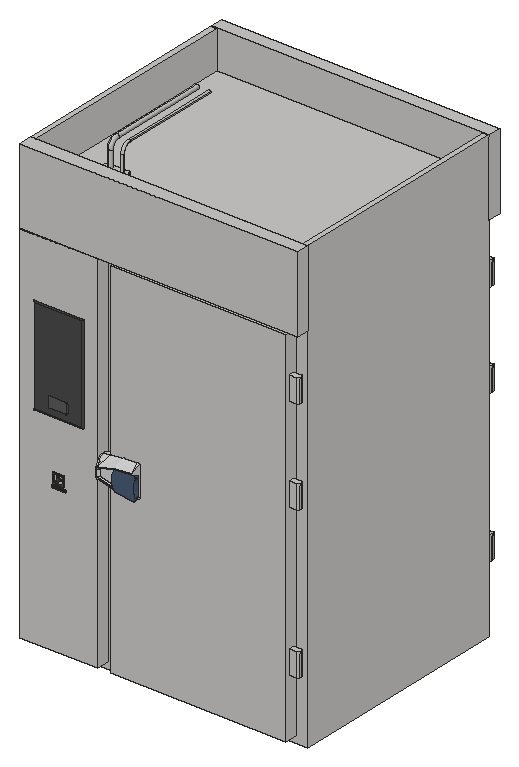
Revit family "QF_ELECTROLUXPROFESSIONAL_727969_AOFP20218RP", category Specialty Equipment, Revit 2018 (continued)
Automatic sketch dimensions
  curve 68 to curve 55 = 45.932 mm
  curve 55 to curve 67 = 11 mm
  curve 70 to curve 64 = 5.757 mm
  curve 3 to curve 7 = 66 mm
  curve 55 to curve 71 = 20 mm
  plane 3 "LEFT" to curve 9 = 27.807 mm
  plane 1 "BACK" to curve 9 = 66 mm
  plane 4 "RIGHT" to curve 2 = 100 mm
  curve 10 to plane 4 "RIGHT" = 27.807 mm
  curve 3 to curve 1 = 100 mm
  radius of Extrusion 6 sketch curve = 10 mm
  radius of Extrusion 7 sketch curve = 12.7 mm
  radius of Blend 15 sketch curve to Extrusion 14 = 0 mm  (x3)
  radius of Blend 16 sketch curve to Blend 15 = 5 mm  (x3)
  radius of Blend 16 sketch curve to Blend 15 = 10 mm  (x3)
  radius of Blend 16 to Blend 17 sketch curve = 10 mm  (x2)
  radius of Blend 17 sketch curve to Blend 16 = 0 mm  (x2)
  radius of Blend 22 sketch curve to Extrusion 21 = 0 mm  (x3)
  radius of Blend 23 sketch curve to Blend 22 = 5 mm  (x3)
  radius of Blend 23 sketch curve to Blend 22 = 10 mm  (x3)
  radius of Blend 23 to Blend 24 sketch curve = 10 mm  (x2)
  radius of Blend 24 sketch curve to Blend 23 = 0 mm  (x2)
  radius of Blend 31 sketch curve to Extrusion 30 = 0 mm  (x3)
  radius of Blend 32 sketch curve to Blend 31 = 5 mm  (x3)
  radius of Blend 32 sketch curve to Blend 31 = 10 mm  (x3)
  radius of Blend 32 to Blend 33 sketch curve = 10 mm  (x2)
  radius of Blend 33 sketch curve to Blend 32 = 0 mm  (x2)
  radius of Blend 38 sketch curve to Extrusion 37 = 0 mm  (x3)
  radius of Blend 39 sketch curve to Blend 38 = 5 mm  (x3)
  radius of Blend 39 sketch curve to Blend 38 = 10 mm  (x3)
  radius of Blend 39 to Blend 40 sketch curve = 10 mm  (x2)
  radius of Blend 40 sketch curve to Blend 39 = 0 mm  (x2)
  radius of Sweep 41 sketch curve = 11 mm
  radius of Sweep 42 sketch curve = 6 mm
Nested families
  nested 1: "ELX_Touch" at (194.5, -1205, 1338.103) x (1, 0, 0) z (0, -1, 0), type "ELX_Touch"
  nested 2: "ELX_Logo_S_New" at (194.5, -1205, 779.103) x (1, 0, 0) z (0, -1, 0), visible <- "Show Logo", type "ELX_Logo_S_New"
    with M QF_Finishes_Black
  nested 3: "ELX_Logo_Symbol" at (194.5, -1205, 819.103) x (1, 0, 0) z (0, -1, 0), visible <- "Show Logo", type "ELX_Logo_Symbol"
    with M QF_Finishes_Black
Connectors
  piping at (271, -890, 110), diameter 25.4
    settings: on Extrusion 7, index 1, connector inside diameter 24", connector length 0 mm, flow factor 0, pipe flow 0 GPM, pressure drop 0.00 psi, fitting loss kfactor 0, connector angle 0.00°, fixture units 0, engagement length 0 mm, angle of deflection 0.00°, flow configuration 1, flow direction 1, fitting loss method 0, system type 16, joint type 0, gender type 0, connector reference index -1, connector utility 0, adjustable connector no, is connector primary yes, connector description "Drain"
  electrical at (50.191, 68.6, 2137), driven by "Volts"
    settings: on Extrusion 6, index 2, voltage 0 V, apparent load 0 VA, apparent load phase1 0 VA, apparent load phase2 0 VA, apparent load phase3 0 VA, power factor 1, load classification "Altro", number of poles 1, system type 30, power factor state 1, is connector primary yes, connector utility no, sub classification motor no, connector description "Electrical Connection"
  piping at (259.717, -338, 2214), diameter 12
    settings: on Sweep 42, index 9, connector inside diameter 24", connector length 0 mm, flow factor 0, pipe flow 0 GPM, pressure drop 0.00 psi, fitting loss kfactor 0, connector angle 0.00°, fixture units 0, engagement length 0 mm, angle of deflection 0.00°, flow configuration 1, flow direction 1, fitting loss method 0, system type 8, joint type 0, gender type 0, connector reference index -1, connector utility 0, adjustable connector no, is connector primary no, connector description "Refrigerant Outlet"
  piping at (196.785, -338, 2214), diameter 22
    settings: on Sweep 41, index 10, connector inside diameter 24", connector length 0 mm, flow factor 0, pipe flow 0 GPM, pressure drop 0.00 psi, fitting loss kfactor 0, connector angle 0.00°, fixture units 0, engagement length 0 mm, angle of deflection 0.00°, flow configuration 1, flow direction 1, fitting loss method 0, system type 7, joint type 0, gender type 0, connector reference index -1, connector utility 0, adjustable connector no, is connector primary no, connector description "Refrigerant Inlet"
Definition of nested family "ELX_Touch"
  Parameters
    Default Elevation = 1219.2 mm
  Reference planes
    plane 1 "Centro (Fronte/Retro)": y = 0
    plane 2: z = 0
    plane 3 "Centro (Sinistra/Destra)": x = 0
  Forms (mm)
    Extrusion 1, solid
      sketch origin (0, 0, 0) x (1, 0, 0) y (0, 1, 0)
        loop
          line (-1219.2, 1219.2) -> (-1219.2, -1219.2) -> (1219.2, -1219.2) -> (1219.2, 1219.2) -> (-1219.2, 1219.2)
      from 0 to -304.8
    Extrusion 2, solid
      sketch origin (0, 0, 5) x (1, 0, 0) y (0, 1, 0)
        loop
          line (-47, -160) -> (-47, -202)
          arc (-47, -202) -> (-45.536, -205.535) -> (-42, -207) r 5
          line (-42, -207) -> (42, -207)
          arc (42, -207) -> (45.536, -205.535) -> (47, -202) r 5
          line (47, -202) -> (47, -160)
          arc (47, -160) -> (45.536, -156.465) -> (42, -155) r 5
          line (42, -155) -> (-42, -155)
          arc (-42, -155) -> (-45.536, -156.465) -> (-47, -160) r 5
      from 0 to 2
    Blend 3, solid
      base sketch origin (0, 0, 0) x (1, 0, 0) y (0, 1, 0)
        loop
          line (-127, 244) -> (-127, -244)
          arc (-127, -244) -> (-125.536, -247.536) -> (-122, -249) r 5
          line (-122, -249) -> (122, -249)
          arc (122, -249) -> (125.536, -247.536) -> (127, -244) r 5
          line (127, -244) -> (127, 244)
          arc (127, 244) -> (125.536, 247.536) -> (122, 249) r 5
          line (122, 249) -> (-122, 249)
          arc (-122, 249) -> (-125.536, 247.536) -> (-127, 244) r 5
      top sketch origin (0, 0, 0) x (1, 0, 0) y (0, 1, 0)
        loop
          line (-119, -241) -> (119, -241) -> (119, 241) -> (-119, 241) -> (-119, -241)
      from 0 to 5
  Lines and regions (mm)
    Split face 1
      outline origin (0, 0, 5) x (1, 0, 0) y (0, 1, 0)
        loop
          line (-70.506, 46.167) -> (70.506, 46.167) -> (70.506, 214.829) -> (-70.506, 214.829) -> (-70.506, 46.167)
    Split face 2
      outline origin (0, 0, 5) x (1, 0, 0) y (0, 1, 0)
        loop
          line (-47.467, 50.825) -> (47.467, 50.825) -> (47.467, 210.171) -> (-47.467, 210.171) -> (-47.467, 50.825)
    Split face 3
      outline origin (0, 0, 5) x (1, 0, 0) y (0, 1, 0)
        loop
          line (-70.521, -215.33) -> (70.521, -215.33) -> (70.521, -146.67) -> (-70.521, -146.67) -> (-70.521, -215.33)
    Split face 4
      outline origin (0, 0, 5) x (1, 0, 0) y (0, 1, 0)
        loop
          line (-119, 201.163) -> (-70.506, 201.163)
        loop
          line (70.506, 201.163) -> (119, 201.163)
        loop
          line (70.521, -200.849) -> (119, -200.849)
        loop
          line (-119, -200.849) -> (-70.521, -200.849)
  Dimensions and locks
    aligned and locked: plane 2 to Extrusion 1
    aligned and locked: level to Extrusion 1
Definition of nested family "ELX_Logo_S_New"
  Parameters
    Default Elevation = 0 mm
    M [instance] = none
  Reference planes
    plane 1 "Centro (Fronte/Retro)": y = 0
    plane 2: z = 0
    plane 3 "Centro (Sinistra/Destra)": x = 0
  Forms (mm)
    Extrusion 1, solid
      sketch origin (0, 0, 0) x (1, 0, 0) y (0, 1, 0)
        loop
          line (-1219.2, 1219.2) -> (-1219.2, -1219.2) -> (1219.2, -1219.2) -> (1219.2, 1219.2) -> (-1219.2, 1219.2)
      from 0 to -304.8
    Extrusion 2, solid, material <- "M"
      sketch origin (0, 0, 0) x (1, 0, 0) y (0, 1, 0)
        loop
          spline (-32.537, -4.135) -> (-32.702, -4.128) -> (-32.877, -4.105) -> (-33.059, -4.064) -> (-33.242, -4.002) -> (-33.422, -3.916) -> (-33.593, -3.803) -> (-33.751, -3.66) -> (-33.891, -3.486) -> (-34.008, -3.276) -> (-34.098, -3.029) -> (-34.155, -2.741) -> (-34.176, -2.41)
          line (-34.176, -2.41) -> (-34.176, -0.943) -> (-29.331, -0.943) -> (-29.331, 0.928) -> (-34.176, 0.928) -> (-34.176, 3.652) -> (-29.023, 3.652) -> (-29.023, 5.518) -> (-36.159, 5.518) -> (-36.159, -2.326)
          spline (-36.159, -2.326) -> (-36.142, -2.808) -> (-36.088, -3.263) -> (-35.996, -3.688) -> (-35.867, -4.083) -> (-35.698, -4.445) -> (-35.489, -4.773) -> (-35.239, -5.066) -> (-34.946, -5.322) -> (-34.61, -5.539) -> (-34.23, -5.716) -> (-33.804, -5.851) -> (-33.332, -5.943)
          line (-33.332, -5.943) -> (-32.554, -5.999) -> (-28.885, -5.999) -> (-28.885, -4.135) -> (-32.537, -4.135)
        loop
          line (-27.476, 0.076) -> (-27.476, -6.002) -> (-25.492, -6.002) -> (-25.492, 5.521) -> (-27.476, 5.521) -> (-27.476, 0.076)
        loop
          spline (-15.702, -2.321) -> (-15.689, -1.697) -> (-15.749, -1.094) -> (-15.879, -0.516) -> (-16.078, 0.029) -> (-16.341, 0.538) -> (-16.668, 1.004) -> (-17.055, 1.422) -> (-17.5, 1.786) -> (-17.999, 2.091) -> (-18.552, 2.331) -> (-19.154, 2.5) -> (-19.804, 2.594)
          spline (-19.804, 2.594) -> (-20.422, 2.558) -> (-21.009, 2.453) -> (-21.56, 2.28) -> (-22.072, 2.042) -> (-22.54, 1.743) -> (-22.96, 1.385) -> (-23.327, 0.97) -> (-23.638, 0.502) -> (-23.887, -0.018) -> (-24.07, -0.586) -> (-24.183, -1.2) -> (-24.222, -1.857)
          spline (-24.222, -1.857) -> (-24.184, -2.498) -> (-24.074, -3.097) -> (-23.895, -3.652) -> (-23.651, -4.16) -> (-23.344, -4.618) -> (-22.979, -5.023) -> (-22.559, -5.374) -> (-22.087, -5.667) -> (-21.567, -5.899) -> (-21.003, -6.068) -> (-20.397, -6.172) -> (-19.754, -6.207)
          spline (-19.754, -6.207) -> (-19.44, -6.2) -> (-19.13, -6.176) -> (-18.823, -6.135) -> (-18.52, -6.074) -> (-18.221, -5.993) -> (-17.925, -5.89) -> (-17.634, -5.762) -> (-17.346, -5.609) -> (-17.062, -5.43) -> (-16.782, -5.221) -> (-16.506, -4.983) -> (-16.234, -4.713)
          line (-16.234, -4.713) -> (-17.429, -3.55)
          spline (-17.429, -3.55) -> (-17.587, -3.702) -> (-17.745, -3.841) -> (-17.906, -3.967) -> (-18.07, -4.08) -> (-18.239, -4.181) -> (-18.415, -4.268) -> (-18.599, -4.343) -> (-18.792, -4.404) -> (-18.996, -4.452) -> (-19.213, -4.486) -> (-19.443, -4.506) -> (-19.688, -4.513)
          spline (-19.688, -4.513) -> (-20.047, -4.496) -> (-20.383, -4.443) -> (-20.696, -4.358) -> (-20.984, -4.24) -> (-21.246, -4.092) -> (-21.479, -3.915) -> (-21.683, -3.711) -> (-21.856, -3.48) -> (-21.997, -3.224) -> (-22.104, -2.945) -> (-22.176, -2.643) -> (-22.212, -2.321)
          line (-22.212, -2.321) -> (-15.702, -2.321)
        loop
          spline (-17.695, -0.926) -> (-17.714, -0.681) -> (-17.771, -0.445) -> (-17.861, -0.221) -> (-17.984, -0.01) -> (-18.135, 0.184) -> (-18.314, 0.36) -> (-18.516, 0.516) -> (-18.741, 0.648) -> (-18.984, 0.755) -> (-19.244, 0.834) -> (-19.518, 0.883) -> (-19.804, 0.9)
          spline (-19.804, 0.9) -> (-20.11, 0.884) -> (-20.405, 0.835) -> (-20.686, 0.757) -> (-20.95, 0.652) -> (-21.195, 0.521) -> (-21.419, 0.367) -> (-21.618, 0.192) -> (-21.79, -0.003) -> (-21.934, -0.214) -> (-22.045, -0.439) -> (-22.122, -0.678) -> (-22.162, -0.926)
          line (-22.162, -0.926) -> (-17.695, -0.926)
        loop
          spline (-12.669, -1.807) -> (-12.646, -1.438) -> (-12.58, -1.088) -> (-12.472, -0.759) -> (-12.326, -0.455) -> (-12.145, -0.177) -> (-11.93, 0.072) -> (-11.685, 0.289) -> (-11.412, 0.473) -> (-11.114, 0.62) -> (-10.793, 0.728) -> (-10.453, 0.794) -> (-10.095, 0.817)
          spline (-10.095, 0.817) -> (-9.876, 0.81) -> (-9.665, 0.79) -> (-9.464, 0.756) -> (-9.271, 0.709) -> (-9.086, 0.65) -> (-8.908, 0.578) -> (-8.737, 0.495) -> (-8.572, 0.399) -> (-8.414, 0.292) -> (-8.261, 0.173) -> (-8.113, 0.044) -> (-7.969, -0.096)
          line (-7.969, -0.096) -> (-6.741, 1.183)
          spline (-6.741, 1.183) -> (-6.985, 1.427) -> (-7.237, 1.647) -> (-7.496, 1.843) -> (-7.762, 2.015) -> (-8.034, 2.164) -> (-8.312, 2.291) -> (-8.596, 2.397) -> (-8.886, 2.482) -> (-9.181, 2.546) -> (-9.481, 2.592) -> (-9.786, 2.619) -> (-10.095, 2.627)
          spline (-10.095, 2.627) -> (-10.715, 2.589) -> (-11.308, 2.476) -> (-11.871, 2.294) -> (-12.396, 2.046) -> (-12.88, 1.736) -> (-13.316, 1.369) -> (-13.7, 0.949) -> (-14.026, 0.48) -> (-14.289, -0.035) -> (-14.483, -0.59) -> (-14.604, -1.182) -> (-14.645, -1.807)
          spline (-14.645, -1.807) -> (-14.604, -2.431) -> (-14.483, -3.023) -> (-14.289, -3.578) -> (-14.026, -4.093) -> (-13.7, -4.562) -> (-13.316, -4.983) -> (-12.88, -5.35) -> (-12.396, -5.659) -> (-11.871, -5.907) -> (-11.308, -6.09) -> (-10.715, -6.202) -> (-10.095, -6.24)
          spline (-10.095, -6.24) -> (-9.786, -6.232) -> (-9.481, -6.205) -> (-9.181, -6.16) -> (-8.886, -6.095) -> (-8.596, -6.01) -> (-8.312, -5.904) -> (-8.034, -5.777) -> (-7.762, -5.628) -> (-7.496, -5.456) -> (-7.237, -5.26) -> (-6.985, -5.04) -> (-6.741, -4.796)
          line (-6.741, -4.796) -> (-7.969, -3.517)
          spline (-7.969, -3.517) -> (-8.113, -3.657) -> (-8.261, -3.786) -> (-8.414, -3.905) -> (-8.572, -4.012) -> (-8.737, -4.108) -> (-8.908, -4.192) -> (-9.086, -4.263) -> (-9.271, -4.323) -> (-9.464, -4.369) -> (-9.665, -4.403) -> (-9.876, -4.423) -> (-10.095, -4.43)
          spline (-10.095, -4.43) -> (-10.453, -4.408) -> (-10.793, -4.341) -> (-11.114, -4.233) -> (-11.412, -4.086) -> (-11.685, -3.902) -> (-11.93, -3.685) -> (-12.145, -3.436) -> (-12.326, -3.158) -> (-12.472, -2.854) -> (-12.58, -2.526) -> (-12.646, -2.176) -> (-12.669, -1.807)
        loop
          spline (-1.683, -4.138) -> (-1.858, -4.14) -> (-2.045, -4.127) -> (-2.24, -4.095) -> (-2.438, -4.04) -> (-2.633, -3.959) -> (-2.822, -3.85) -> (-2.998, -3.709) -> (-3.157, -3.533) -> (-3.294, -3.318) -> (-3.404, -3.061) -> (-3.483, -2.76) -> (-3.524, -2.411)
          line (-3.524, -2.411) -> (-3.524, 0.529) -> (-1.72, 0.529) -> (-1.72, 2.331) -> (-3.522, 2.331) -> (-3.522, 5.521) -> (-5.506, 5.521) -> (-5.506, -2.523)
          spline (-5.506, -2.523) -> (-5.463, -2.99) -> (-5.386, -3.429) -> (-5.274, -3.839) -> (-5.126, -4.218) -> (-4.941, -4.564) -> (-4.717, -4.877) -> (-4.455, -5.155) -> (-4.153, -5.396) -> (-3.81, -5.599) -> (-3.425, -5.762) -> (-2.998, -5.884) -> (-2.528, -5.964)
          line (-2.528, -5.964) -> (-1.69, -6.002) -> (-1.683, -4.138)
        loop
          spline (4.991, 2.446) -> (4.648, 2.468) -> (4.318, 2.461) -> (4.001, 2.429) -> (3.699, 2.371) -> (3.413, 2.288) -> (3.142, 2.182) -> (2.89, 2.052) -> (2.655, 1.901) -> (2.439, 1.728) -> (2.244, 1.535) -> (2.069, 1.322) -> (1.917, 1.091)
          line (1.917, 1.091) -> (1.917, 2.33) -> (-0.051, 2.33) -> (-0.051, -6.002) -> (1.917, -6.002) -> (1.917, -1.621)
          spline (1.917, -1.621) -> (1.935, -1.288) -> (1.988, -0.979) -> (2.075, -0.693) -> (2.195, -0.432) -> (2.345, -0.197) -> (2.526, 0.01) -> (2.736, 0.189) -> (2.972, 0.338) -> (3.235, 0.456) -> (3.522, 0.541) -> (3.832, 0.594) -> (4.165, 0.611)
          line (4.165, 0.611) -> (4.991, 0.529) -> (4.991, 2.446)
        loop
          spline (14.388, -1.836) -> (14.347, -1.224) -> (14.226, -0.642) -> (14.031, -0.093) -> (13.768, 0.418) -> (13.441, 0.887) -> (13.057, 1.308) -> (12.621, 1.677) -> (12.137, 1.989) -> (11.612, 2.24) -> (11.051, 2.425) -> (10.459, 2.539) -> (9.842, 2.578)
          spline (9.842, 2.578) -> (9.221, 2.539) -> (8.627, 2.425) -> (8.064, 2.24) -> (7.539, 1.989) -> (7.056, 1.677) -> (6.62, 1.308) -> (6.237, 0.887) -> (5.912, 0.418) -> (5.65, -0.093) -> (5.456, -0.642) -> (5.336, -1.224) -> (5.295, -1.836)
          spline (5.295, -1.836) -> (5.336, -2.447) -> (5.456, -3.029) -> (5.65, -3.578) -> (5.912, -4.089) -> (6.237, -4.558) -> (6.62, -4.979) -> (7.056, -5.348) -> (7.539, -5.66) -> (8.064, -5.911) -> (8.627, -6.096) -> (9.221, -6.211) -> (9.842, -6.25)
          spline (9.842, -6.25) -> (10.459, -6.211) -> (11.051, -6.096) -> (11.612, -5.911) -> (12.137, -5.66) -> (12.621, -5.348) -> (13.057, -4.979) -> (13.441, -4.558) -> (13.768, -4.089) -> (14.031, -3.578) -> (14.226, -3.029) -> (14.347, -2.447) -> (14.388, -1.836)
        loop
          spline (12.42, -1.836) -> (12.397, -1.475) -> (12.33, -1.131) -> (12.222, -0.807) -> (12.075, -0.504) -> (11.893, -0.227) -> (11.677, 0.022) -> (11.431, 0.241) -> (11.157, 0.426) -> (10.859, 0.575) -> (10.538, 0.685) -> (10.198, 0.753) -> (9.842, 0.777)
          spline (9.842, 0.777) -> (9.482, 0.753) -> (9.14, 0.685) -> (8.818, 0.575) -> (8.519, 0.426) -> (8.246, 0.241) -> (8.001, 0.022) -> (7.786, -0.227) -> (7.605, -0.504) -> (7.459, -0.807) -> (7.352, -1.131) -> (7.286, -1.475) -> (7.263, -1.836)
          spline (7.263, -1.836) -> (7.286, -2.196) -> (7.352, -2.54) -> (7.459, -2.865) -> (7.605, -3.167) -> (7.786, -3.444) -> (8.001, -3.694) -> (8.246, -3.912) -> (8.519, -4.098) -> (8.818, -4.247) -> (9.14, -4.357) -> (9.482, -4.425) -> (9.842, -4.448)
          spline (9.842, -4.448) -> (10.198, -4.425) -> (10.538, -4.357) -> (10.859, -4.247) -> (11.157, -4.098) -> (11.431, -3.912) -> (11.677, -3.694) -> (11.893, -3.444) -> (12.075, -3.167) -> (12.222, -2.865) -> (12.33, -2.54) -> (12.397, -2.196) -> (12.42, -1.836)
        loop
          line (15.608, 0.275) -> (15.608, -6.002) -> (17.593, -6.002) -> (17.593, 5.521) -> (15.608, 5.521) -> (15.608, 0.275)
        loop
          line (24.747, 2.33) -> (24.747, -2.513)
          spline (24.747, -2.513) -> (24.731, -2.828) -> (24.685, -3.112) -> (24.61, -3.366) -> (24.507, -3.59) -> (24.38, -3.785) -> (24.229, -3.952) -> (24.056, -4.091) -> (23.863, -4.203) -> (23.652, -4.29) -> (23.425, -4.35) -> (23.183, -4.386) -> (22.928, -4.398)
          spline (22.928, -4.398) -> (22.674, -4.386) -> (22.432, -4.35) -> (22.205, -4.29) -> (21.994, -4.204) -> (21.802, -4.092) -> (21.629, -3.954) -> (21.478, -3.788) -> (21.35, -3.595) -> (21.248, -3.373) -> (21.173, -3.122) -> (21.126, -2.841) -> (21.11, -2.53)
          line (21.11, -2.53) -> (21.11, 2.33) -> (19.11, 2.33) -> (19.11, -2.696)
          spline (19.11, -2.696) -> (19.145, -3.265) -> (19.248, -3.783) -> (19.413, -4.25) -> (19.636, -4.667) -> (19.912, -5.033) -> (20.236, -5.349) -> (20.603, -5.616) -> (21.008, -5.833) -> (21.446, -6.001) -> (21.913, -6.121) -> (22.403, -6.193) -> (22.912, -6.217)
          spline (22.912, -6.217) -> (23.425, -6.193) -> (23.92, -6.12) -> (24.39, -5.998) -> (24.832, -5.828) -> (25.241, -5.607) -> (25.611, -5.337) -> (25.937, -5.016) -> (26.216, -4.645) -> (26.441, -4.222) -> (26.608, -3.749) -> (26.711, -3.223) -> (26.747, -2.646)
          line (26.747, -2.646) -> (26.747, 2.33) -> (24.747, 2.33)
        loop
          line (34.253, -3.337) -> (33.002, -1.588) -> (34.551, 0.523) -> (35.878, 2.33) -> (33.713, 2.33) -> (31.91, -0.166) -> (30.092, 2.33) -> (27.943, 2.33) -> (29.175, 0.645) -> (30.82, -1.604) -> (29.096, -4.004) -> (27.662, -6.002) -> (29.794, -6.002) -> (31.91, -3.059) -> (34.027, -6.002) -> (36.159, -6.002) -> (34.253, -3.337)
      from 0 to 1.644
  Dimensions and locks
    aligned and locked: plane 2 to Extrusion 1
    aligned and locked: level to Extrusion 1
Definition of nested family "ELX_Logo_Symbol"
  Parameters
    Default Elevation = 0 mm
    M [instance] = none
  Reference planes
    plane 1 "Centro (Fronte/Retro)": y = 0
    plane 2: z = 0
    plane 3 "Centro (Sinistra/Destra)": x = 0
  Forms (mm)
    Extrusion 1, solid
      sketch origin (0, 0, 0) x (1, 0, 0) y (0, 1, 0)
        loop
          line (-1219.2, 1219.2) -> (-1219.2, -1219.2) -> (1219.2, -1219.2) -> (1219.2, 1219.2) -> (-1219.2, 1219.2)
      from 0 to -304.8
    Extrusion 2, solid, material <- "M"
      sketch origin (94.462, 558.781, 0) x (1, 0, 0) y (0, 1, 0)
        loop
          line (-101.645, -583.129) -> (-101.645, -534.543)
          arc (-101.645, -534.543) -> (-119.606, -558.836) -> (-101.645, -583.129) r 25.41
        loop
          arc (-99.174, -583.129) -> (-78.968, -578.537) -> (-69.233, -560.244) r 24.902
          line (-69.233, -560.244) -> (-77.271, -560.244)
          arc (-77.271, -560.244) -> (-91.631, -566.073) -> (-99.174, -579.611) r 23.341
          line (-99.174, -579.611) -> (-99.174, -583.129)
        loop
          arc (-99.174, -538.061) -> (-91.631, -551.599) -> (-77.271, -557.427) r 23.341
          line (-77.271, -557.427) -> (-69.233, -557.427)
          arc (-69.233, -557.427) -> (-78.952, -538.984) -> (-99.174, -533.918) r 25.553
          line (-99.174, -533.918) -> (-99.174, -538.061)
        loop
          line (-67.388, -585.781) -> (-67.388, -531.781) -> (-121.462, -531.781) -> (-121.462, -585.781) -> (-67.388, -585.781)
      from 0 to 1.644
  Dimensions and locks
    aligned and locked: plane 2 to Extrusion 1
    aligned and locked: level to Extrusion 1
Types (2, lengths in mm): name | Volts | URL Manufacturer | URL | Phase | Model | Manufacturer | Item Number | Description | Cycle
  (no name) | 0 V | "" | "" | 0 | "" | "" | "" | "" | 0 Hz
  Standard | 380 V | "http://professional.electrolux.com/" | "http://professional.electrolux.com/" | 3 | "AOFP20218RP" | "Electrolux Professional" | "727969" | "SKYLINE CHILLS BLAST CHILLER 200KG 20 GN 2/1 - PASS-THROUGH - REMOTE REFRIGERATING UNIT-R452A" | 60 Hz
